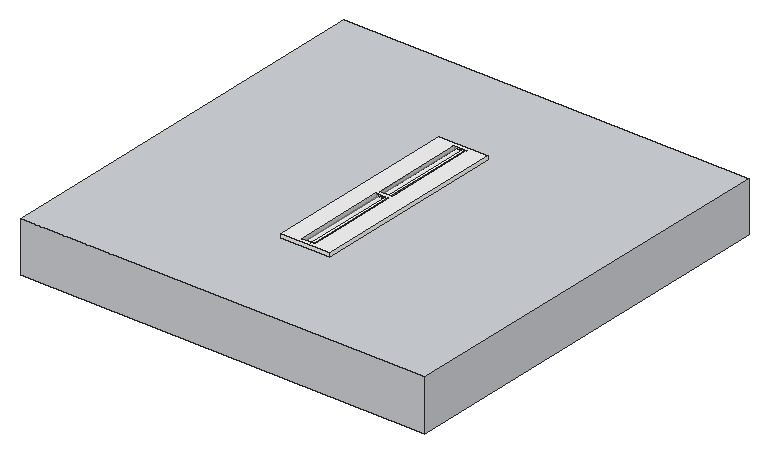
Revit family "KORO", category Luminaires, Revit 2021
Family settings
  Hôte = Face
  Cote de connecteur circulaire = Utiliser le diamètre
  Type d'élément = Normal
  Numéro OmniClass = 23.80.70.11.17
  Titre OmniClass = Specialized Lighting by Location or Use
  Couper avec des vides une fois chargée = Oui
  Source d'éclairage = Oui
  Partagée = Non
  Point de calcul de pièce = Oui
Parameters (values of type "621400")
  Épaisseur = 20 mm
  URL = "https://www.resistex-sa.com/fr/koro-asym-4883lm-4000k-1402.html"
  Tension = 230 V  # constant formula
  built-in parameter 1150107 = 4000 (stored number, unit not read)
  Wattage = 36.5 W
  built-in parameter 1150110 = 1 (stored number, unit not read)
  built-in parameter 1150109 = 1 (stored number, unit not read)
  built-in parameter 1114218 = 1 (stored number, unit not read)
  built-in parameter 1150113 = 1 (stored number, unit not read)
  built-in parameter 1150112 = 1 (stored number, unit not read)
  Nombre pôles = 2  # constant formula
  built-in parameter 1150137 = (empty or 0)
  built-in parameter 1150132 = (empty or 0)
  Modèle = "Koro"  # constant formula
  Matériau diffuseur = PC Transparent
  Matériau corps = Alu blanc
  Longueur diffuseur = 562 mm
  Longueur = 1195 mm
  Largeur diffuseur = 79 mm
  Largeur = 295 mm
  built-in parameter 1150105 = 388.63 (stored number, unit not read)
  built-in parameter 1150102 = (empty or 0)
  Indice de charge = Eclairage
  Image du type = <Aucun>
  IP = "40"  # constant formula
  IK = "04"  # constant formula
  Gradation des changements de température de couleur de lampe = <Aucun>
  Garantie = "5 ans"  # constant formula
  Lumens = 4883.7 lm
  Color Filter = 16777215
  Fichier de distribution photométrique = "621400.ies"
  built-in parameter 1114217 = 1 (stored number, unit not read)
  built-in parameter 1150139 = (empty or 0)
  Fabricant = "Résistex"  # constant formula
  Emit from Line Length = 609.6 mm
  Default Elevation = 0 mm
  built-in parameter 1150104 = 12.43 (stored number, unit not read)
  built-in parameter 1150106 = 3.8863 (stored number, unit not read)
  built-in parameter 1150115 = 1 (stored number, unit not read)
  built-in parameter 1150114 = 1 (stored number, unit not read)
  Distance diffuseur/diffuseur = 24 mm
  Distance bord corps = 23.5 mm
  Description = "Encastré tertiaire équipé de platines LED, efficacité lumineuse de 133.8lm/W"
  Cost = 167.5
  built-in parameter 1150138 = (empty or 0)
  built-in parameter 1150134 = 12
  Commentaires relatifs à la puissance = "36.5W"  # constant formula
  Apparent Load = 38.02 VA
  Tilt Angle = 60.00°
  built-in parameter 1150133 = 10 (stored number, unit not read)
Reference planes
  plane 1 "Centre (avant/arrière)": y = 0
  plane 2: z = 0
  plane 3 "Centre (gauche/droite)": x = 0
  plane 4: y = 597.5
  plane 5: y = -597.5
  plane 6: x = -147.5
  plane 7: x = 147.5
  plane 8 "Face luminaire": z = 20
  plane 9: x = -39.5
  plane 10: x = 39.5
  plane 11: y = 574
  plane 12: y = 12
  plane 13: y = -12
  plane 14: y = -574
  plane 15 "Face asym": y = 574
  plane 16 "Face asym 2": y = -574
  plane 17: x = 0
  plane 18: x = 0
  plane 19: x = 0
  plane 20: x = 0
Forms (mm)
  Extrusion 1, solid
    sketch origin (0, 0, 0) x (1, 0, 0) y (0, 1, 0)
      loop
        line (-1219.2, 1219.2) -> (-1219.2, -1219.2) -> (1219.2, -1219.2) -> (1219.2, 1219.2) -> (-1219.2, 1219.2)
    from 0 to -304.8
  Extrusion 2, solid, material "Alu blanc" <- "Matériau corps"
    sketch origin (0, 0, 0) x (1, 0, 0) y (0, 1, 0)
      loop
        line (-147.5, -597.5) -> (147.5, -597.5) -> (147.5, 597.5) -> (-147.5, 597.5) -> (-147.5, -597.5)
    from 0 to 20 <- "Épaisseur"
  Extrusion 3, void
    sketch origin (0, 0, 0) x (1, 0, 0) y (0, 1, 0)
      loop
        line (-39.5, 574) -> (-39.5, 12) -> (39.5, 12) -> (39.5, 574) -> (-39.5, 574)
      loop
        line (-39.5, -574) -> (39.5, -574) -> (39.5, -12) -> (-39.5, -12) -> (-39.5, -574)
    from 0 to 20 <- "Épaisseur"
  Extrusion 4, solid, material "PC Transparent" <- "Matériau diffuseur"
    sketch origin (0, -574, 0) x (0, 0, 1) y (1, 0, 0)
      loop
        arc (20, -39.5) -> (15.225, -26.531) -> (3.18, -19.754) r 20
        line (3.18, -19.754) -> (3.18, 0) -> (3.18, 19.754)
        arc (3.18, 19.754) -> (15.225, 26.531) -> (20, 39.5) r 20
        line (20, 39.5) -> (18.37, 39.5)
        arc (18.37, 39.5) -> (13.649, 27.205) -> (1.912, 21.229) r 18.37
        line (1.912, 21.229) -> (1.912, 0) -> (1.912, -21.229)
        arc (1.912, -21.229) -> (13.649, -27.205) -> (18.37, -39.5) r 18.37
        line (18.37, -39.5) -> (20, -39.5)
    from 0 to 562 <- "Longueur diffuseur"
  Extrusion 5, solid, material "PC Transparent" <- "Matériau diffuseur"
    sketch origin (0, 574, 0) x (0, 0, 1) y (-1, 0, 0)
      loop
        line (20, 39.5) -> (18.37, 39.5)
        arc (18.37, 39.5) -> (13.649, 27.205) -> (1.912, 21.229) r 18.37
        line (1.912, 21.229) -> (1.912, 0) -> (1.912, -21.229)
        arc (1.912, -21.229) -> (13.649, -27.205) -> (18.37, -39.5) r 18.37
        line (18.37, -39.5) -> (20, -39.5)
        arc (20, -39.5) -> (15.225, -26.531) -> (3.18, -19.754) r 20
        line (3.18, -19.754) -> (3.18, 0) -> (3.18, 19.754)
        arc (3.18, 19.754) -> (15.225, 26.531) -> (20, 39.5) r 20
    from 0 to 562 <- "Longueur diffuseur"
  Extrusion 6, solid, material "Alu blanc" <- "Matériau corps"
    sketch origin (0, -574, 0) x (0, 0, 1) y (1, 0, 0)
      loop
        arc (9.171, -21.727) -> (9.733, -3.225) -> (15.826, 14.254) r 60.913
        line (15.826, 14.254) -> (9.121, 21.701)
        arc (9.121, 21.701) -> (8.485, 21.389) -> (7.837, 21.1) r 20
        line (7.837, 21.1) -> (14.304, 13.918)
        arc (14.304, 13.918) -> (8.534, -3.135) -> (7.898, -21.125) r 62.108
        arc (7.898, -21.125) -> (8.54, -21.415) -> (9.171, -21.727) r 20
    from 0 to 562 <- "Longueur diffuseur"
  Extrusion 7, solid, material "Alu blanc" <- "Matériau corps"
    sketch origin (0, 574, 0) x (0, 0, 1) y (-1, 0, 0)
      loop
        arc (9.171, 21.727) -> (8.54, 21.415) -> (7.898, 21.125) r 20
        arc (7.898, 21.125) -> (8.534, 3.135) -> (14.304, -13.918) r 62.108
        line (14.304, -13.918) -> (7.837, -21.1)
        arc (7.837, -21.1) -> (8.485, -21.389) -> (9.121, -21.701) r 20
        line (9.121, -21.701) -> (15.826, -14.254)
        arc (15.826, -14.254) -> (9.733, 3.225) -> (9.171, 21.727) r 60.913
    from 0 to 562 <- "Longueur diffuseur"
  Extrusion 8, solid
    sketch origin (0, -574, 0) x (0, 0, 1) y (1, 0, 0)
      loop
        line (1.801, -39.5) -> (1.801, 39.5) -> (0.993, 39.5) -> (0.993, -39.5) -> (1.801, -39.5)
    from 0 to 562 <- "Longueur diffuseur"
  Extrusion 9, solid
    sketch origin (0, 574, 0) x (0, 0, 1) y (-1, 0, 0)
      loop
        line (1.801, 39.5) -> (0.993, 39.5) -> (0.993, -39.5) -> (1.801, -39.5) -> (1.801, 39.5)
    from 0 to 562 <- "Longueur diffuseur"
Cuts and joins
  Extrusion 3 cuts Extrusion 2
Dimensions and locks
  equal spacing: plane 6, plane 3 "Centre (gauche/droite)", plane 7
  "Largeur": plane 6 to plane 7
  equal spacing: plane 4, plane 1 "Centre (avant/arrière)", plane 5
  "Longueur": plane 4 to plane 5
  "Longueur diffuseur": plane 11 to plane 12
  "Distance bord corps": Extrusion 2 to plane 11
  equal spacing: plane 9, plane 3 "Centre (gauche/droite)", plane 10
  "Largeur diffuseur": plane 9 to plane 10
  equal spacing: plane 12, imposter light, plane 13
  "Distance diffuseur/diffuseur": plane 12 to plane 13
  "Longueur diffuseur": plane 13 to plane 14
  locked: Extrusion 4 sketch curve to Extrusion 4 sketch curve at 42.459
  locked: Extrusion 4 sketch curve to Extrusion 4 sketch curve at 39.509
  locked: Extrusion 5 sketch curve to Extrusion 5 sketch curve at 42.459
  locked: Extrusion 5 sketch curve to Extrusion 5 sketch curve at 39.509
  locked: Extrusion 8 sketch curve to Extrusion 8 sketch curve at 79
  Extrusion 8 sketch curve to Extrusion 8 sketch curve to Extrusion 1 = 0.809 mm, 0.993 mm locked
  locked: Extrusion 9 sketch curve to Extrusion 9 sketch curve at 79
  Extrusion 9 sketch curve to Extrusion 9 sketch curve = 0.809 mm
  diameter of Extrusion 4 sketch curve = 40 mm  (x2)
  diameter of Extrusion 4 sketch curve = 36.741 mm  (x2)
  diameter of Extrusion 5 sketch curve = 40 mm  (x2)
  diameter of Extrusion 5 sketch curve = 36.741 mm  (x2)
  aligned and locked: plane 2 to Extrusion 1
  aligned and locked: level to Extrusion 1
  aligned and locked: Extrusion 2 sketch curve to plane 5
  aligned and locked: Extrusion 2 sketch curve to plane 6
  aligned and locked: plane 4 to Extrusion 2 sketch curve
  aligned and locked: plane 7 to Extrusion 2 sketch curve
  aligned and locked: plane 8 "Face luminaire" to Extrusion 2
  aligned and locked: Extrusion 3 sketch curve to plane 11
  aligned and locked: plane 9 to Extrusion 3 sketch curve
  aligned and locked: plane 12 to Extrusion 3 sketch curve
  aligned and locked: plane 10 to Extrusion 3 sketch curve
  aligned and locked: Extrusion 3 sketch curve to plane 14
  aligned and locked: Extrusion 3 sketch curve to plane 9
  aligned and locked: plane 13 to Extrusion 3 sketch curve
  aligned and locked: Extrusion 3 sketch curve to plane 10
  aligned and locked: Extrusion 8 sketch curve to plane 9
  aligned and locked: Extrusion 8 sketch curve to plane 10
Automatic sketch dimensions
  Extrusion 1 sketch curve to Extrusion 1 sketch curve = 2438.4 mm  (x2)
  Extrusion 4 sketch curve to Extrusion 4 sketch curve = 0 mm  (x4)
  Extrusion 4 sketch curve to level = 0 mm  (x2)
  Extrusion 4 sketch curve to plane 3 "Centre (gauche/droite)" = 0 mm  (x2)
  Extrusion 4 sketch curve to plane 9 = 0 mm
  plane 10 to Extrusion 4 sketch curve = 0 mm
  Extrusion 5 sketch curve to Extrusion 5 sketch curve = 0 mm  (x4)
  Extrusion 5 sketch curve to level = 0 mm  (x2)
  Extrusion 5 sketch curve to plane 3 "Centre (gauche/droite)" = 0 mm  (x2)
  plane 10 to Extrusion 5 sketch curve = 0 mm
  Extrusion 5 sketch curve to plane 9 = 0 mm
  Extrusion 6 sketch curve to Extrusion 6 sketch curve = 0 mm  (x2)
  Extrusion 6 sketch curve to level = 0 mm  (x2)
  Extrusion 6 sketch curve to plane 9 = 0 mm
  plane 10 to Extrusion 6 sketch curve = 0 mm
  level to Extrusion 6 sketch curve = 7.837 mm
  Extrusion 6 sketch curve to Extrusion 6 sketch curve = 1.284 mm
  Extrusion 6 sketch curve to plane 8 "Face luminaire" = 5.696 mm
  Extrusion 6 sketch curve to Extrusion 6 sketch curve = 1.522 mm
  Extrusion 6 sketch curve to plane 3 "Centre (gauche/droite)" = 14.303 mm
  plane 8 "Face luminaire" to Extrusion 6 sketch curve = 49.63 mm
  plane 3 "Centre (gauche/droite)" to Extrusion 6 sketch curve = 13.918 mm
  Extrusion 6 sketch curve to Extrusion 6 sketch curve = 0.337 mm
  Extrusion 6 sketch curve to Extrusion 6 sketch curve = 7.182 mm
  level to Extrusion 6 sketch curve = 7.898 mm
  Extrusion 7 sketch curve to Extrusion 7 sketch curve = 0 mm  (x2)
  Extrusion 7 sketch curve to level = 0 mm  (x2)
  plane 10 to Extrusion 7 sketch curve = 0 mm
  Extrusion 7 sketch curve to plane 9 = 0 mm
  level to Extrusion 7 sketch curve = 7.837 mm
  Extrusion 7 sketch curve to Extrusion 7 sketch curve = 1.284 mm
  Extrusion 7 sketch curve to plane 8 "Face luminaire" = 5.696 mm
  Extrusion 7 sketch curve to Extrusion 7 sketch curve = 1.522 mm
  Extrusion 7 sketch curve to plane 3 "Centre (gauche/droite)" = 14.303 mm
  plane 8 "Face luminaire" to Extrusion 7 sketch curve = 49.63 mm
  plane 10 to Extrusion 7 sketch curve = 17.799 mm
  Extrusion 7 sketch curve to Extrusion 7 sketch curve = 7.447 mm
  Extrusion 7 sketch curve to Extrusion 7 sketch curve = 0.337 mm
  level to Extrusion 7 sketch curve = 7.898 mm
  Extrusion 9 sketch curve to plane 9 = 0 mm
  level to Extrusion 9 sketch curve = 0.993 mm
Connectors
  electrical at (0, 0, 0), driven by "Nombre pôles", driven by "Tension", driven by "Indice de charge", driven by "Apparent Load"
    settings: on cut or joined group of Extrusion 2, Extrusion 3, index 1, voltage 230 V, apparent load 0 VA, apparent load phase1 38.02 VA, apparent load phase2 0 VA, apparent load phase3 0 VA, power factor 1, load classification "Eclairage", number of poles 2, system type 31, power factor state 1, is connector primary yes, connector utility no, sub classification motor no, connector description ""
